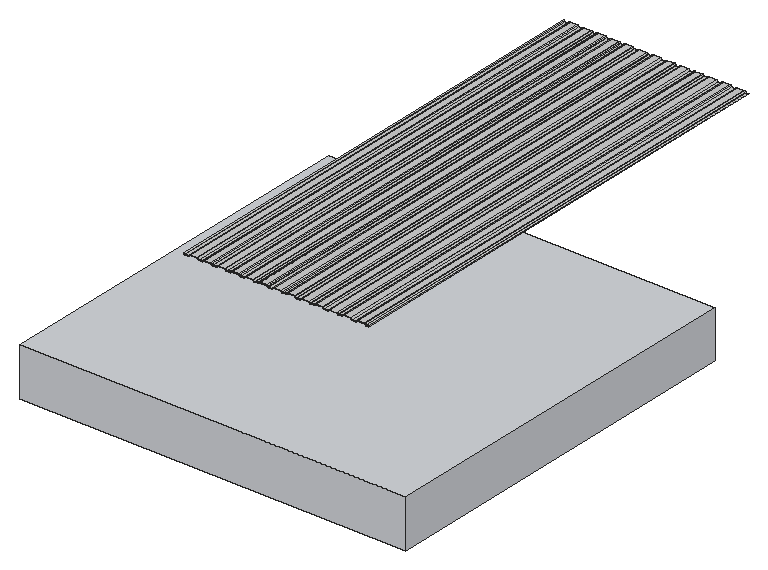
Revit family "Trapézový plech CB 8_88", category Obecné modely, Revit 2016
Family settings
  Hostitel = Plocha
  Typ součásti = Normální
  Může být hostitelem pro výztuž = Ne
  Kóta kulaté spojky = Použít průměr
  Ořezat dutým tvarem při načtení = Ne
  Sdílené = Ne
  Bod výpočtu místnosti = Ne
Parameters
  Šířka prvku - ořezání [instance] = 1170 mm
  Šířka [instance] = 1160 mm  # constant formula
  Výrobce = "CB profil a. s."  # constant formula
  Default Elevation = 0 mm
  URL = "https://www.cbprofil.cz/vyrobni-program/trapezove-plechy-vyroba-cb/"
  Třída oceli [instance] = Třída oceli : S 320 GD
  Tloušťka [instance] = 1 mm
  Pozitivní [instance] = not(Negativní)  # yes
  Popis = "CB 8/88"
  Negativní [instance] = no
  F2 barva [instance] = Pozink
  F1 barva [instance] = Pozink
  Délka [instance] = 3000 mm
  CB FLIS [instance] = no
Reference planes
  plane 1 "Střed (vpředu/vzadu)": y = 0
  plane 2: z = 0
  plane 3 "Střed (vlevo/vpravo)": x = 0
  plane 4 "trapézový plech": z = 0
  plane 5: x = -1143.853
  plane 6 "oříznutí": x = -1170
  plane 7: x = -1219.2
  plane 8: z = 10
Forms (mm)
  Extrusion 1, solid
    sketch origin (0, 0, 0) x (1, 0, 0) y (0, 1, 0)
      loop
        line (-1219.2, 1219.2) -> (-1219.2, -1219.2) -> (1219.2, -1219.2) -> (1219.2, 1219.2) -> (-1219.2, 1219.2)
    from 0 to -304.8
  Sweep 2, solid, material "Pozink" <- "F2 barva", visible <- "Pozitivní"
    path origin (0, 0, 0) x (-1, 0, 0) y (0, -1, 0)
      loop
        line (0, 0) -> (0, -3000)
    profile "CB 8_88 : CB 8_88" origin (0, 1500, 0) x (-1, 0, 0) y (0, 0, 1)
      loop
        line (-5, 1) -> (11.313, 1)
        arc (11.313, 1) -> (13.201, 1.391) -> (14.778, 2.501) r 4.75
        line (14.778, 2.501) -> (19.118, 7.131)
        arc (19.118, 7.131) -> (20.031, 7.773) -> (21.125, 8) r 2.75
        line (21.125, 8) -> (41.5, 8) -> (66.875, 8)
        arc (66.875, 8) -> (67.969, 7.773) -> (68.882, 7.131) r 2.75
        line (68.882, 7.131) -> (74.159, 1.501)
        arc (74.159, 1.501) -> (75.736, 0.391) -> (77.625, 0) r 4.75
        line (77.625, 0) -> (88, 0) -> (98.375, 0)
        arc (98.375, 0) -> (100.264, 0.391) -> (101.841, 1.501) r 4.75
        line (101.841, 1.501) -> (107.118, 7.131)
        arc (107.118, 7.131) -> (108.031, 7.773) -> (109.125, 8) r 2.75
        line (109.125, 8) -> (129.5, 8) -> (154.875, 8)
        arc (154.875, 8) -> (155.969, 7.773) -> (156.882, 7.131) r 2.75
        line (156.882, 7.131) -> (162.159, 1.501)
        arc (162.159, 1.501) -> (163.736, 0.391) -> (165.625, 0) r 4.75
        line (165.625, 0) -> (176, 0) -> (186.375, 0)
        arc (186.375, 0) -> (188.264, 0.391) -> (189.841, 1.501) r 4.75
        line (189.841, 1.501) -> (195.118, 7.131)
        arc (195.118, 7.131) -> (196.031, 7.773) -> (197.125, 8) r 2.75
        line (197.125, 8) -> (217.5, 8) -> (242.875, 8)
        arc (242.875, 8) -> (243.969, 7.773) -> (244.882, 7.131) r 2.75
        line (244.882, 7.131) -> (250.159, 1.501)
        arc (250.159, 1.501) -> (251.736, 0.391) -> (253.625, 0) r 4.75
        line (253.625, 0) -> (264, 0) -> (274.375, 0)
        arc (274.375, 0) -> (276.264, 0.391) -> (277.841, 1.501) r 4.75
        line (277.841, 1.501) -> (283.118, 7.131)
        arc (283.118, 7.131) -> (284.031, 7.773) -> (285.125, 8) r 2.75
        line (285.125, 8) -> (305.5, 8) -> (330.875, 8)
        arc (330.875, 8) -> (331.969, 7.773) -> (332.882, 7.131) r 2.75
        line (332.882, 7.131) -> (338.159, 1.501)
        arc (338.159, 1.501) -> (339.736, 0.391) -> (341.625, 0) r 4.75
        line (341.625, 0) -> (352, 0) -> (362.375, 0)
        arc (362.375, 0) -> (364.264, 0.391) -> (365.841, 1.501) r 4.75
        line (365.841, 1.501) -> (371.118, 7.131)
        arc (371.118, 7.131) -> (372.031, 7.773) -> (373.125, 8) r 2.75
        line (373.125, 8) -> (393.5, 8) -> (418.875, 8)
        arc (418.875, 8) -> (419.969, 7.773) -> (420.882, 7.131) r 2.75
        line (420.882, 7.131) -> (426.159, 1.501)
        arc (426.159, 1.501) -> (427.736, 0.391) -> (429.625, 0) r 4.75
        line (429.625, 0) -> (440, 0) -> (450.375, 0)
        arc (450.375, 0) -> (452.264, 0.391) -> (453.841, 1.501) r 4.75
        line (453.841, 1.501) -> (459.118, 7.131)
        arc (459.118, 7.131) -> (460.031, 7.773) -> (461.125, 8) r 2.75
        line (461.125, 8) -> (481.5, 8) -> (506.875, 8)
        arc (506.875, 8) -> (507.969, 7.773) -> (508.882, 7.131) r 2.75
        line (508.882, 7.131) -> (514.159, 1.501)
        arc (514.159, 1.501) -> (515.736, 0.391) -> (517.625, 0) r 4.75
        line (517.625, 0) -> (528, 0) -> (538.375, 0)
        arc (538.375, 0) -> (540.264, 0.391) -> (541.841, 1.501) r 4.75
        line (541.841, 1.501) -> (547.118, 7.131)
        arc (547.118, 7.131) -> (548.031, 7.773) -> (549.125, 8) r 2.75
        line (549.125, 8) -> (569.5, 8) -> (594.875, 8)
        arc (594.875, 8) -> (595.969, 7.773) -> (596.882, 7.131) r 2.75
        line (596.882, 7.131) -> (602.159, 1.501)
        arc (602.159, 1.501) -> (603.736, 0.391) -> (605.625, 0) r 4.75
        line (605.625, 0) -> (616, 0) -> (626.375, 0)
        arc (626.375, 0) -> (628.264, 0.391) -> (629.841, 1.501) r 4.75
        line (629.841, 1.501) -> (635.118, 7.131)
        arc (635.118, 7.131) -> (636.031, 7.773) -> (637.125, 8) r 2.75
        line (637.125, 8) -> (657.5, 8) -> (682.875, 8)
        arc (682.875, 8) -> (683.969, 7.773) -> (684.882, 7.131) r 2.75
        line (684.882, 7.131) -> (690.159, 1.501)
        arc (690.159, 1.501) -> (691.736, 0.391) -> (693.625, 0) r 4.75
        line (693.625, 0) -> (704, 0) -> (714.375, 0)
        arc (714.375, 0) -> (716.264, 0.391) -> (717.841, 1.501) r 4.75
        line (717.841, 1.501) -> (723.118, 7.131)
        arc (723.118, 7.131) -> (724.031, 7.773) -> (725.125, 8) r 2.75
        line (725.125, 8) -> (745.5, 8) -> (770.875, 8)
        arc (770.875, 8) -> (771.969, 7.773) -> (772.882, 7.131) r 2.75
        line (772.882, 7.131) -> (778.159, 1.501)
        arc (778.159, 1.501) -> (779.736, 0.391) -> (781.625, 0) r 4.75
        line (781.625, 0) -> (792, 0) -> (802.375, 0)
        arc (802.375, 0) -> (804.264, 0.391) -> (805.841, 1.501) r 4.75
        line (805.841, 1.501) -> (811.118, 7.131)
        arc (811.118, 7.131) -> (812.031, 7.773) -> (813.125, 8) r 2.75
        line (813.125, 8) -> (833.5, 8) -> (858.875, 8)
        arc (858.875, 8) -> (859.969, 7.773) -> (860.882, 7.131) r 2.75
        line (860.882, 7.131) -> (866.159, 1.501)
        arc (866.159, 1.501) -> (867.736, 0.391) -> (869.625, 0) r 4.75
        line (869.625, 0) -> (880, 0) -> (890.375, 0)
        arc (890.375, 0) -> (892.264, 0.391) -> (893.841, 1.501) r 4.75
        line (893.841, 1.501) -> (899.118, 7.131)
        arc (899.118, 7.131) -> (900.031, 7.773) -> (901.125, 8) r 2.75
        line (901.125, 8) -> (921.5, 8) -> (946.875, 8)
        arc (946.875, 8) -> (947.969, 7.773) -> (948.882, 7.131) r 2.75
        line (948.882, 7.131) -> (954.159, 1.501)
        arc (954.159, 1.501) -> (955.736, 0.391) -> (957.625, 0) r 4.75
        line (957.625, 0) -> (968, 0) -> (978.375, 0)
        arc (978.375, 0) -> (980.264, 0.391) -> (981.841, 1.501) r 4.75
        line (981.841, 1.501) -> (987.118, 7.131)
        arc (987.118, 7.131) -> (988.031, 7.773) -> (989.125, 8) r 2.75
        line (989.125, 8) -> (1009.5, 8) -> (1034.875, 8)
        arc (1034.875, 8) -> (1035.969, 7.773) -> (1036.882, 7.131) r 2.75
        line (1036.882, 7.131) -> (1042.159, 1.501)
        arc (1042.159, 1.501) -> (1043.736, 0.391) -> (1045.625, 0) r 4.75
        line (1045.625, 0) -> (1056, 0) -> (1066.375, 0)
        arc (1066.375, 0) -> (1068.264, 0.391) -> (1069.841, 1.501) r 4.75
        line (1069.841, 1.501) -> (1075.118, 7.131)
        arc (1075.118, 7.131) -> (1076.031, 7.773) -> (1077.125, 8) r 2.75
        line (1077.125, 8) -> (1097.5, 8) -> (1122.875, 8)
        arc (1122.875, 8) -> (1123.969, 7.773) -> (1124.882, 7.131) r 2.75
        line (1124.882, 7.131) -> (1130.159, 1.501)
        arc (1130.159, 1.501) -> (1131.736, 0.391) -> (1133.625, 0) r 4.75
        line (1133.625, 0) -> (1144, 0) -> (1155.775, 0)
        arc (1155.775, 0) -> (1157.664, 0.391) -> (1159.241, 1.501) r 4.75
        line (1159.241, 1.501) -> (1163.354, 5.889) -> (1162.647, 6.596) -> (1158.511, 2.185)
        arc (1158.511, 2.185) -> (1157.266, 1.309) -> (1155.775, 1) r 3.75
        line (1155.775, 1) -> (1144, 1) -> (1133.625, 1)
        arc (1133.625, 1) -> (1132.134, 1.309) -> (1130.889, 2.185) r 3.75
        line (1130.889, 2.185) -> (1125.611, 7.815)
        arc (1125.611, 7.815) -> (1124.366, 8.691) -> (1122.875, 9) r 3.75
        line (1122.875, 9) -> (1097.5, 9) -> (1077.125, 9)
        arc (1077.125, 9) -> (1075.634, 8.691) -> (1074.389, 7.815) r 3.75
        line (1074.389, 7.815) -> (1069.111, 2.185)
        arc (1069.111, 2.185) -> (1067.866, 1.309) -> (1066.375, 1) r 3.75
        line (1066.375, 1) -> (1056, 1) -> (1045.625, 1)
        arc (1045.625, 1) -> (1044.134, 1.309) -> (1042.889, 2.185) r 3.75
        line (1042.889, 2.185) -> (1037.611, 7.815)
        arc (1037.611, 7.815) -> (1036.366, 8.691) -> (1034.875, 9) r 3.75
        line (1034.875, 9) -> (1009.5, 9) -> (989.125, 9)
        arc (989.125, 9) -> (987.634, 8.691) -> (986.389, 7.815) r 3.75
        line (986.389, 7.815) -> (981.111, 2.185)
        arc (981.111, 2.185) -> (979.866, 1.309) -> (978.375, 1) r 3.75
        line (978.375, 1) -> (968, 1) -> (957.625, 1)
        arc (957.625, 1) -> (956.134, 1.309) -> (954.889, 2.185) r 3.75
        line (954.889, 2.185) -> (949.611, 7.815)
        arc (949.611, 7.815) -> (948.366, 8.691) -> (946.875, 9) r 3.75
        line (946.875, 9) -> (921.5, 9) -> (901.125, 9)
        arc (901.125, 9) -> (899.634, 8.691) -> (898.389, 7.815) r 3.75
        line (898.389, 7.815) -> (893.111, 2.185)
        arc (893.111, 2.185) -> (891.866, 1.309) -> (890.375, 1) r 3.75
        line (890.375, 1) -> (880, 1) -> (869.625, 1)
        arc (869.625, 1) -> (868.134, 1.309) -> (866.889, 2.185) r 3.75
        line (866.889, 2.185) -> (861.611, 7.815)
        arc (861.611, 7.815) -> (860.366, 8.691) -> (858.875, 9) r 3.75
        line (858.875, 9) -> (833.5, 9) -> (813.125, 9)
        arc (813.125, 9) -> (811.634, 8.691) -> (810.389, 7.815) r 3.75
        line (810.389, 7.815) -> (805.111, 2.185)
        arc (805.111, 2.185) -> (803.866, 1.309) -> (802.375, 1) r 3.75
        line (802.375, 1) -> (792, 1) -> (781.625, 1)
        arc (781.625, 1) -> (780.134, 1.309) -> (778.889, 2.185) r 3.75
        line (778.889, 2.185) -> (773.611, 7.815)
        arc (773.611, 7.815) -> (772.366, 8.691) -> (770.875, 9) r 3.75
        line (770.875, 9) -> (745.5, 9) -> (725.125, 9)
        arc (725.125, 9) -> (723.634, 8.691) -> (722.389, 7.815) r 3.75
        line (722.389, 7.815) -> (717.111, 2.185)
        arc (717.111, 2.185) -> (715.866, 1.309) -> (714.375, 1) r 3.75
        line (714.375, 1) -> (704, 1) -> (693.625, 1)
        arc (693.625, 1) -> (692.134, 1.309) -> (690.889, 2.185) r 3.75
        line (690.889, 2.185) -> (685.611, 7.815)
        arc (685.611, 7.815) -> (684.366, 8.691) -> (682.875, 9) r 3.75
        line (682.875, 9) -> (657.5, 9) -> (637.125, 9)
        arc (637.125, 9) -> (635.634, 8.691) -> (634.389, 7.815) r 3.75
        line (634.389, 7.815) -> (629.111, 2.185)
        arc (629.111, 2.185) -> (627.866, 1.309) -> (626.375, 1) r 3.75
        line (626.375, 1) -> (616, 1) -> (605.625, 1)
        arc (605.625, 1) -> (604.134, 1.309) -> (602.889, 2.185) r 3.75
        line (602.889, 2.185) -> (597.611, 7.815)
        arc (597.611, 7.815) -> (596.366, 8.691) -> (594.875, 9) r 3.75
        line (594.875, 9) -> (569.5, 9) -> (549.125, 9)
        arc (549.125, 9) -> (547.634, 8.691) -> (546.389, 7.815) r 3.75
        line (546.389, 7.815) -> (541.111, 2.185)
        arc (541.111, 2.185) -> (539.866, 1.309) -> (538.375, 1) r 3.75
        line (538.375, 1) -> (528, 1) -> (517.625, 1)
        arc (517.625, 1) -> (516.134, 1.309) -> (514.889, 2.185) r 3.75
        line (514.889, 2.185) -> (509.611, 7.815)
        arc (509.611, 7.815) -> (508.366, 8.691) -> (506.875, 9) r 3.75
        line (506.875, 9) -> (481.5, 9) -> (461.125, 9)
        arc (461.125, 9) -> (459.634, 8.691) -> (458.389, 7.815) r 3.75
        line (458.389, 7.815) -> (453.111, 2.185)
        arc (453.111, 2.185) -> (451.866, 1.309) -> (450.375, 1) r 3.75
        line (450.375, 1) -> (440, 1) -> (429.625, 1)
        arc (429.625, 1) -> (428.134, 1.309) -> (426.889, 2.185) r 3.75
        line (426.889, 2.185) -> (421.611, 7.815)
        arc (421.611, 7.815) -> (420.366, 8.691) -> (418.875, 9) r 3.75
        line (418.875, 9) -> (393.5, 9) -> (373.125, 9)
        arc (373.125, 9) -> (371.634, 8.691) -> (370.389, 7.815) r 3.75
        line (370.389, 7.815) -> (365.111, 2.185)
        arc (365.111, 2.185) -> (363.866, 1.309) -> (362.375, 1) r 3.75
        line (362.375, 1) -> (352, 1) -> (341.625, 1)
        arc (341.625, 1) -> (340.134, 1.309) -> (338.889, 2.185) r 3.75
        line (338.889, 2.185) -> (333.611, 7.815)
        arc (333.611, 7.815) -> (332.366, 8.691) -> (330.875, 9) r 3.75
        line (330.875, 9) -> (305.5, 9) -> (285.125, 9)
        arc (285.125, 9) -> (283.634, 8.691) -> (282.389, 7.815) r 3.75
        line (282.389, 7.815) -> (277.111, 2.185)
        arc (277.111, 2.185) -> (275.866, 1.309) -> (274.375, 1) r 3.75
        line (274.375, 1) -> (264, 1) -> (253.625, 1)
        arc (253.625, 1) -> (252.134, 1.309) -> (250.889, 2.185) r 3.75
        line (250.889, 2.185) -> (245.611, 7.815)
        arc (245.611, 7.815) -> (244.366, 8.691) -> (242.875, 9) r 3.75
        line (242.875, 9) -> (217.5, 9) -> (197.125, 9)
        arc (197.125, 9) -> (195.634, 8.691) -> (194.389, 7.815) r 3.75
        line (194.389, 7.815) -> (189.111, 2.185)
        arc (189.111, 2.185) -> (187.866, 1.309) -> (186.375, 1) r 3.75
        line (186.375, 1) -> (176, 1) -> (165.625, 1)
        arc (165.625, 1) -> (164.134, 1.309) -> (162.889, 2.185) r 3.75
        line (162.889, 2.185) -> (157.611, 7.815)
        arc (157.611, 7.815) -> (156.366, 8.691) -> (154.875, 9) r 3.75
        line (154.875, 9) -> (129.5, 9) -> (109.125, 9)
        arc (109.125, 9) -> (107.634, 8.691) -> (106.389, 7.815) r 3.75
        line (106.389, 7.815) -> (101.111, 2.185)
        arc (101.111, 2.185) -> (99.866, 1.309) -> (98.375, 1) r 3.75
        line (98.375, 1) -> (88, 1) -> (77.625, 1)
        arc (77.625, 1) -> (76.134, 1.309) -> (74.889, 2.185) r 3.75
        line (74.889, 2.185) -> (69.611, 7.815)
        arc (69.611, 7.815) -> (68.366, 8.691) -> (66.875, 9) r 3.75
        line (66.875, 9) -> (41.5, 9) -> (21.125, 9)
        arc (21.125, 9) -> (19.634, 8.691) -> (18.389, 7.815) r 3.75
        line (18.389, 7.815) -> (14.049, 3.185)
        arc (14.049, 3.185) -> (12.804, 2.309) -> (11.313, 2) r 3.75
        line (11.313, 2) -> (-5, 2) -> (-5, 1)
  Extrusion 3, void
    sketch origin (0, 0, 0) x (1, 0, 0) y (0, 0, 1)
      loop
        line (-1170, 10) -> (-1219.2, 10) -> (-1219.2, 0) -> (-1170, 0) -> (-1170, 10)
    from 0 to -3000
  Sweep 4, solid, material "Pozink" <- "F2 barva", visible <- "Negativní"
    path origin (0, 0, 0) x (-1, 0, 0) y (0, -1, 0)
      loop
        line (0, 0) -> (0, -3000)
    profile "CB 8_88_neg : CB 8_88_neg" origin (0, 1500, 0) x (-1, 0, 0) y (0, 0, 1)
      loop
        arc (11.313, 7) -> (12.406, 6.773) -> (13.319, 6.131) r 2.75
        line (13.319, 6.131) -> (17.659, 1.501)
        arc (17.659, 1.501) -> (19.236, 0.391) -> (21.125, 0) r 4.75
        line (21.125, 0) -> (41.5, 0) -> (66.875, 0)
        arc (66.875, 0) -> (68.764, 0.391) -> (70.341, 1.501) r 4.75
        line (70.341, 1.501) -> (75.618, 7.131)
        arc (75.618, 7.131) -> (76.531, 7.773) -> (77.625, 8) r 2.75
        line (77.625, 8) -> (88, 8) -> (98.375, 8)
        arc (98.375, 8) -> (99.469, 7.773) -> (100.382, 7.131) r 2.75
        line (100.382, 7.131) -> (105.659, 1.501)
        arc (105.659, 1.501) -> (107.236, 0.391) -> (109.125, 0) r 4.75
        line (109.125, 0) -> (129.5, 0) -> (154.875, 0)
        arc (154.875, 0) -> (156.764, 0.391) -> (158.341, 1.501) r 4.75
        line (158.341, 1.501) -> (163.618, 7.131)
        arc (163.618, 7.131) -> (164.531, 7.773) -> (165.625, 8) r 2.75
        line (165.625, 8) -> (176, 8) -> (186.375, 8)
        arc (186.375, 8) -> (187.469, 7.773) -> (188.382, 7.131) r 2.75
        line (188.382, 7.131) -> (193.659, 1.501)
        arc (193.659, 1.501) -> (195.236, 0.391) -> (197.125, 0) r 4.75
        line (197.125, 0) -> (217.5, 0) -> (242.875, 0)
        arc (242.875, 0) -> (244.764, 0.391) -> (246.341, 1.501) r 4.75
        line (246.341, 1.501) -> (251.618, 7.131)
        arc (251.618, 7.131) -> (252.531, 7.773) -> (253.625, 8) r 2.75
        line (253.625, 8) -> (264, 8) -> (274.375, 8)
        arc (274.375, 8) -> (275.469, 7.773) -> (276.382, 7.131) r 2.75
        line (276.382, 7.131) -> (281.659, 1.501)
        arc (281.659, 1.501) -> (283.236, 0.391) -> (285.125, 0) r 4.75
        line (285.125, 0) -> (305.5, 0) -> (330.875, 0)
        arc (330.875, 0) -> (332.764, 0.391) -> (334.341, 1.501) r 4.75
        line (334.341, 1.501) -> (339.618, 7.131)
        arc (339.618, 7.131) -> (340.531, 7.773) -> (341.625, 8) r 2.75
        line (341.625, 8) -> (352, 8) -> (362.375, 8)
        arc (362.375, 8) -> (363.469, 7.773) -> (364.382, 7.131) r 2.75
        line (364.382, 7.131) -> (369.659, 1.501)
        arc (369.659, 1.501) -> (371.236, 0.391) -> (373.125, 0) r 4.75
        line (373.125, 0) -> (393.5, 0) -> (418.875, 0)
        arc (418.875, 0) -> (420.764, 0.391) -> (422.341, 1.501) r 4.75
        line (422.341, 1.501) -> (427.618, 7.131)
        arc (427.618, 7.131) -> (428.531, 7.773) -> (429.625, 8) r 2.75
        line (429.625, 8) -> (440, 8) -> (450.375, 8)
        arc (450.375, 8) -> (451.469, 7.773) -> (452.382, 7.131) r 2.75
        line (452.382, 7.131) -> (457.659, 1.501)
        arc (457.659, 1.501) -> (459.236, 0.391) -> (461.125, 0) r 4.75
        line (461.125, 0) -> (481.5, 0) -> (506.875, 0)
        arc (506.875, 0) -> (508.764, 0.391) -> (510.341, 1.501) r 4.75
        line (510.341, 1.501) -> (515.618, 7.131)
        arc (515.618, 7.131) -> (516.531, 7.773) -> (517.625, 8) r 2.75
        line (517.625, 8) -> (528, 8) -> (538.375, 8)
        arc (538.375, 8) -> (539.469, 7.773) -> (540.382, 7.131) r 2.75
        line (540.382, 7.131) -> (545.659, 1.501)
        arc (545.659, 1.501) -> (547.236, 0.391) -> (549.125, 0) r 4.75
        line (549.125, 0) -> (569.5, 0) -> (594.875, 0)
        arc (594.875, 0) -> (596.764, 0.391) -> (598.341, 1.501) r 4.75
        line (598.341, 1.501) -> (603.618, 7.131)
        arc (603.618, 7.131) -> (604.531, 7.773) -> (605.625, 8) r 2.75
        line (605.625, 8) -> (616, 8) -> (626.375, 8)
        arc (626.375, 8) -> (627.469, 7.773) -> (628.382, 7.131) r 2.75
        line (628.382, 7.131) -> (633.659, 1.501)
        arc (633.659, 1.501) -> (635.236, 0.391) -> (637.125, 0) r 4.75
        line (637.125, 0) -> (657.5, 0) -> (682.875, 0)
        arc (682.875, 0) -> (684.764, 0.391) -> (686.341, 1.501) r 4.75
        line (686.341, 1.501) -> (691.618, 7.131)
        arc (691.618, 7.131) -> (692.531, 7.773) -> (693.625, 8) r 2.75
        line (693.625, 8) -> (704, 8) -> (714.375, 8)
        arc (714.375, 8) -> (715.469, 7.773) -> (716.382, 7.131) r 2.75
        line (716.382, 7.131) -> (721.659, 1.501)
        arc (721.659, 1.501) -> (723.236, 0.391) -> (725.125, 0) r 4.75
        line (725.125, 0) -> (745.5, 0) -> (770.875, 0)
        arc (770.875, 0) -> (772.764, 0.391) -> (774.341, 1.501) r 4.75
        line (774.341, 1.501) -> (779.618, 7.131)
        arc (779.618, 7.131) -> (780.531, 7.773) -> (781.625, 8) r 2.75
        line (781.625, 8) -> (792, 8) -> (802.375, 8)
        arc (802.375, 8) -> (803.469, 7.773) -> (804.382, 7.131) r 2.75
        line (804.382, 7.131) -> (809.659, 1.501)
        arc (809.659, 1.501) -> (811.236, 0.391) -> (813.125, 0) r 4.75
        line (813.125, 0) -> (833.5, 0) -> (858.875, 0)
        arc (858.875, 0) -> (860.764, 0.391) -> (862.341, 1.501) r 4.75
        line (862.341, 1.501) -> (867.618, 7.131)
        arc (867.618, 7.131) -> (868.531, 7.773) -> (869.625, 8) r 2.75
        line (869.625, 8) -> (880, 8) -> (890.375, 8)
        arc (890.375, 8) -> (891.469, 7.773) -> (892.382, 7.131) r 2.75
        line (892.382, 7.131) -> (897.659, 1.501)
        arc (897.659, 1.501) -> (899.236, 0.391) -> (901.125, 0) r 4.75
        line (901.125, 0) -> (921.5, 0) -> (946.875, 0)
        arc (946.875, 0) -> (948.764, 0.391) -> (950.341, 1.501) r 4.75
        line (950.341, 1.501) -> (955.618, 7.131)
        arc (955.618, 7.131) -> (956.531, 7.773) -> (957.625, 8) r 2.75
        line (957.625, 8) -> (968, 8) -> (978.375, 8)
        arc (978.375, 8) -> (979.469, 7.773) -> (980.382, 7.131) r 2.75
        line (980.382, 7.131) -> (985.659, 1.501)
        arc (985.659, 1.501) -> (987.236, 0.391) -> (989.125, 0) r 4.75
        line (989.125, 0) -> (1009.5, 0) -> (1034.875, 0)
        arc (1034.875, 0) -> (1036.764, 0.391) -> (1038.341, 1.501) r 4.75
        line (1038.341, 1.501) -> (1043.618, 7.131)
        arc (1043.618, 7.131) -> (1044.531, 7.773) -> (1045.625, 8) r 2.75
        line (1045.625, 8) -> (1056, 8) -> (1066.375, 8)
        arc (1066.375, 8) -> (1067.469, 7.773) -> (1068.382, 7.131) r 2.75
        line (1068.382, 7.131) -> (1073.659, 1.501)
        arc (1073.659, 1.501) -> (1075.236, 0.391) -> (1077.125, 0) r 4.75
        line (1077.125, 0) -> (1097.5, 0) -> (1122.875, 0)
        arc (1122.875, 0) -> (1124.764, 0.391) -> (1126.341, 1.501) r 4.75
        line (1126.341, 1.501) -> (1131.618, 7.131)
        arc (1131.618, 7.131) -> (1132.531, 7.773) -> (1133.625, 8) r 2.75
        line (1133.625, 8) -> (1144, 8) -> (1155.775, 8)
        arc (1155.775, 8) -> (1156.869, 7.773) -> (1157.782, 7.131) r 2.75
        line (1157.782, 7.131) -> (1161.895, 2.743) -> (1162.602, 3.451) -> (1158.511, 7.815)
        arc (1158.511, 7.815) -> (1157.266, 8.691) -> (1155.775, 9) r 3.75
        line (1155.775, 9) -> (1144, 9) -> (1133.625, 9)
        arc (1133.625, 9) -> (1132.134, 8.691) -> (1130.889, 7.815) r 3.75
        line (1130.889, 7.815) -> (1125.611, 2.185)
        arc (1125.611, 2.185) -> (1124.366, 1.309) -> (1122.875, 1) r 3.75
        line (1122.875, 1) -> (1097.5, 1) -> (1077.125, 1)
        arc (1077.125, 1) -> (1075.634, 1.309) -> (1074.389, 2.185) r 3.75
        line (1074.389, 2.185) -> (1069.111, 7.815)
        arc (1069.111, 7.815) -> (1067.866, 8.691) -> (1066.375, 9) r 3.75
        line (1066.375, 9) -> (1056, 9) -> (1045.625, 9)
        arc (1045.625, 9) -> (1044.134, 8.691) -> (1042.889, 7.815) r 3.75
        line (1042.889, 7.815) -> (1037.611, 2.185)
        arc (1037.611, 2.185) -> (1036.366, 1.309) -> (1034.875, 1) r 3.75
        line (1034.875, 1) -> (1009.5, 1) -> (989.125, 1)
        arc (989.125, 1) -> (987.634, 1.309) -> (986.389, 2.185) r 3.75
        line (986.389, 2.185) -> (981.111, 7.815)
        arc (981.111, 7.815) -> (979.866, 8.691) -> (978.375, 9) r 3.75
        line (978.375, 9) -> (968, 9) -> (957.625, 9)
        arc (957.625, 9) -> (956.134, 8.691) -> (954.889, 7.815) r 3.75
        line (954.889, 7.815) -> (949.611, 2.185)
        arc (949.611, 2.185) -> (948.366, 1.309) -> (946.875, 1) r 3.75
        line (946.875, 1) -> (921.5, 1) -> (901.125, 1)
        arc (901.125, 1) -> (899.634, 1.309) -> (898.389, 2.185) r 3.75
        line (898.389, 2.185) -> (893.111, 7.815)
        arc (893.111, 7.815) -> (891.866, 8.691) -> (890.375, 9) r 3.75
        line (890.375, 9) -> (880, 9) -> (869.625, 9)
        arc (869.625, 9) -> (868.134, 8.691) -> (866.889, 7.815) r 3.75
        line (866.889, 7.815) -> (861.611, 2.185)
        arc (861.611, 2.185) -> (860.366, 1.309) -> (858.875, 1) r 3.75
        line (858.875, 1) -> (833.5, 1) -> (813.125, 1)
        arc (813.125, 1) -> (811.634, 1.309) -> (810.389, 2.185) r 3.75
        line (810.389, 2.185) -> (805.111, 7.815)
        arc (805.111, 7.815) -> (803.866, 8.691) -> (802.375, 9) r 3.75
        line (802.375, 9) -> (792, 9) -> (781.625, 9)
        arc (781.625, 9) -> (780.134, 8.691) -> (778.889, 7.815) r 3.75
        line (778.889, 7.815) -> (773.611, 2.185)
        arc (773.611, 2.185) -> (772.366, 1.309) -> (770.875, 1) r 3.75
        line (770.875, 1) -> (745.5, 1) -> (725.125, 1)
        arc (725.125, 1) -> (723.634, 1.309) -> (722.389, 2.185) r 3.75
        line (722.389, 2.185) -> (717.111, 7.815)
        arc (717.111, 7.815) -> (715.866, 8.691) -> (714.375, 9) r 3.75
        line (714.375, 9) -> (704, 9) -> (693.625, 9)
        arc (693.625, 9) -> (692.134, 8.691) -> (690.889, 7.815) r 3.75
        line (690.889, 7.815) -> (685.611, 2.185)
        arc (685.611, 2.185) -> (684.366, 1.309) -> (682.875, 1) r 3.75
        line (682.875, 1) -> (657.5, 1) -> (637.125, 1)
        arc (637.125, 1) -> (635.634, 1.309) -> (634.389, 2.185) r 3.75
        line (634.389, 2.185) -> (629.111, 7.815)
        arc (629.111, 7.815) -> (627.866, 8.691) -> (626.375, 9) r 3.75
        line (626.375, 9) -> (616, 9) -> (605.625, 9)
        arc (605.625, 9) -> (604.134, 8.691) -> (602.889, 7.815) r 3.75
        line (602.889, 7.815) -> (597.611, 2.185)
        arc (597.611, 2.185) -> (596.366, 1.309) -> (594.875, 1) r 3.75
        line (594.875, 1) -> (569.5, 1) -> (549.125, 1)
        arc (549.125, 1) -> (547.634, 1.309) -> (546.389, 2.185) r 3.75
        line (546.389, 2.185) -> (541.111, 7.815)
        arc (541.111, 7.815) -> (539.866, 8.691) -> (538.375, 9) r 3.75
        line (538.375, 9) -> (528, 9) -> (517.625, 9)
        arc (517.625, 9) -> (516.134, 8.691) -> (514.889, 7.815) r 3.75
        line (514.889, 7.815) -> (509.611, 2.185)
        arc (509.611, 2.185) -> (508.366, 1.309) -> (506.875, 1) r 3.75
        line (506.875, 1) -> (481.5, 1) -> (461.125, 1)
        arc (461.125, 1) -> (459.634, 1.309) -> (458.389, 2.185) r 3.75
        line (458.389, 2.185) -> (453.111, 7.815)
        arc (453.111, 7.815) -> (451.866, 8.691) -> (450.375, 9) r 3.75
        line (450.375, 9) -> (440, 9) -> (429.625, 9)
        arc (429.625, 9) -> (428.134, 8.691) -> (426.889, 7.815) r 3.75
        line (426.889, 7.815) -> (421.611, 2.185)
        arc (421.611, 2.185) -> (420.366, 1.309) -> (418.875, 1) r 3.75
        line (418.875, 1) -> (393.5, 1) -> (373.125, 1)
        arc (373.125, 1) -> (371.634, 1.309) -> (370.389, 2.185) r 3.75
        line (370.389, 2.185) -> (365.111, 7.815)
        arc (365.111, 7.815) -> (363.866, 8.691) -> (362.375, 9) r 3.75
        line (362.375, 9) -> (352, 9) -> (341.625, 9)
        arc (341.625, 9) -> (340.134, 8.691) -> (338.889, 7.815) r 3.75
        line (338.889, 7.815) -> (333.611, 2.185)
        arc (333.611, 2.185) -> (332.366, 1.309) -> (330.875, 1) r 3.75
        line (330.875, 1) -> (305.5, 1) -> (285.125, 1)
        arc (285.125, 1) -> (283.634, 1.309) -> (282.389, 2.185) r 3.75
        line (282.389, 2.185) -> (277.111, 7.815)
        arc (277.111, 7.815) -> (275.866, 8.691) -> (274.375, 9) r 3.75
        line (274.375, 9) -> (264, 9) -> (253.625, 9)
        arc (253.625, 9) -> (252.134, 8.691) -> (250.889, 7.815) r 3.75
        line (250.889, 7.815) -> (245.611, 2.185)
        arc (245.611, 2.185) -> (244.366, 1.309) -> (242.875, 1) r 3.75
        line (242.875, 1) -> (217.5, 1) -> (197.125, 1)
        arc (197.125, 1) -> (195.634, 1.309) -> (194.389, 2.185) r 3.75
        line (194.389, 2.185) -> (189.111, 7.815)
        arc (189.111, 7.815) -> (187.866, 8.691) -> (186.375, 9) r 3.75
        line (186.375, 9) -> (176, 9) -> (165.625, 9)
        arc (165.625, 9) -> (164.134, 8.691) -> (162.889, 7.815) r 3.75
        line (162.889, 7.815) -> (157.611, 2.185)
        arc (157.611, 2.185) -> (156.366, 1.309) -> (154.875, 1) r 3.75
        line (154.875, 1) -> (129.5, 1) -> (109.125, 1)
        arc (109.125, 1) -> (107.634, 1.309) -> (106.389, 2.185) r 3.75
        line (106.389, 2.185) -> (101.111, 7.815)
        arc (101.111, 7.815) -> (99.866, 8.691) -> (98.375, 9) r 3.75
        line (98.375, 9) -> (88, 9) -> (77.625, 9)
        arc (77.625, 9) -> (76.134, 8.691) -> (74.889, 7.815) r 3.75
        line (74.889, 7.815) -> (69.611, 2.185)
        arc (69.611, 2.185) -> (68.366, 1.309) -> (66.875, 1) r 3.75
        line (66.875, 1) -> (41.5, 1) -> (21.125, 1)
        arc (21.125, 1) -> (19.634, 1.309) -> (18.389, 2.185) r 3.75
        line (18.389, 2.185) -> (14.049, 6.815)
        arc (14.049, 6.815) -> (12.804, 7.691) -> (11.313, 8) r 3.75
        line (11.313, 8) -> (-5, 8) -> (-5, 7) -> (11.313, 7)
  Sweep 5, solid, material "Pozink" <- "F1 barva", visible <- "Pozitivní"
    path origin (0, 0, 0) x (-1, 0, 0) y (0, -1, 0)
      loop
        line (0, 0) -> (0, -3000)
    profile "CB 8_88_F1 : CB 8_88_F1" origin (0, 1500, 0) x (-1, 0, 0) y (0, 0, 1)
      loop
        line (-5, 2) -> (11.313, 2)
        arc (11.313, 2) -> (12.804, 2.309) -> (14.049, 3.185) r 3.75
        line (14.049, 3.185) -> (18.389, 7.815)
        arc (18.389, 7.815) -> (19.634, 8.691) -> (21.125, 9) r 3.75
        line (21.125, 9) -> (41.5, 9) -> (66.875, 9)
        arc (66.875, 9) -> (68.366, 8.691) -> (69.611, 7.815) r 3.75
        line (69.611, 7.815) -> (74.889, 2.185)
        arc (74.889, 2.185) -> (76.134, 1.309) -> (77.625, 1) r 3.75
        line (77.625, 1) -> (88, 1) -> (98.375, 1)
        arc (98.375, 1) -> (99.866, 1.309) -> (101.111, 2.185) r 3.75
        line (101.111, 2.185) -> (106.389, 7.815)
        arc (106.389, 7.815) -> (107.634, 8.691) -> (109.125, 9) r 3.75
        line (109.125, 9) -> (129.5, 9) -> (154.875, 9)
        arc (154.875, 9) -> (156.366, 8.691) -> (157.611, 7.815) r 3.75
        line (157.611, 7.815) -> (162.889, 2.185)
        arc (162.889, 2.185) -> (164.134, 1.309) -> (165.625, 1) r 3.75
        line (165.625, 1) -> (176, 1) -> (186.375, 1)
        arc (186.375, 1) -> (187.866, 1.309) -> (189.111, 2.185) r 3.75
        line (189.111, 2.185) -> (194.389, 7.815)
        arc (194.389, 7.815) -> (195.634, 8.691) -> (197.125, 9) r 3.75
        line (197.125, 9) -> (217.5, 9) -> (242.875, 9)
        arc (242.875, 9) -> (244.366, 8.691) -> (245.611, 7.815) r 3.75
        line (245.611, 7.815) -> (250.889, 2.185)
        arc (250.889, 2.185) -> (252.134, 1.309) -> (253.625, 1) r 3.75
        line (253.625, 1) -> (264, 1) -> (274.375, 1)
        arc (274.375, 1) -> (275.866, 1.309) -> (277.111, 2.185) r 3.75
        line (277.111, 2.185) -> (282.389, 7.815)
        arc (282.389, 7.815) -> (283.634, 8.691) -> (285.125, 9) r 3.75
        line (285.125, 9) -> (305.5, 9) -> (330.875, 9)
        arc (330.875, 9) -> (332.366, 8.691) -> (333.611, 7.815) r 3.75
        line (333.611, 7.815) -> (338.889, 2.185)
        arc (338.889, 2.185) -> (340.134, 1.309) -> (341.625, 1) r 3.75
        line (341.625, 1) -> (352, 1) -> (362.375, 1)
        arc (362.375, 1) -> (363.866, 1.309) -> (365.111, 2.185) r 3.75
        line (365.111, 2.185) -> (370.389, 7.815)
        arc (370.389, 7.815) -> (371.634, 8.691) -> (373.125, 9) r 3.75
        line (373.125, 9) -> (393.5, 9) -> (418.875, 9)
        arc (418.875, 9) -> (420.366, 8.691) -> (421.611, 7.815) r 3.75
        line (421.611, 7.815) -> (426.889, 2.185)
        arc (426.889, 2.185) -> (428.134, 1.309) -> (429.625, 1) r 3.75
        line (429.625, 1) -> (440, 1) -> (450.375, 1)
        arc (450.375, 1) -> (451.866, 1.309) -> (453.111, 2.185) r 3.75
        line (453.111, 2.185) -> (458.389, 7.815)
        arc (458.389, 7.815) -> (459.634, 8.691) -> (461.125, 9) r 3.75
        line (461.125, 9) -> (481.5, 9) -> (506.875, 9)
        arc (506.875, 9) -> (508.366, 8.691) -> (509.611, 7.815) r 3.75
        line (509.611, 7.815) -> (514.889, 2.185)
        arc (514.889, 2.185) -> (516.134, 1.309) -> (517.625, 1) r 3.75
        line (517.625, 1) -> (528, 1) -> (538.375, 1)
        arc (538.375, 1) -> (539.866, 1.309) -> (541.111, 2.185) r 3.75
        line (541.111, 2.185) -> (546.389, 7.815)
        arc (546.389, 7.815) -> (547.634, 8.691) -> (549.125, 9) r 3.75
        line (549.125, 9) -> (569.5, 9) -> (594.875, 9)
        arc (594.875, 9) -> (596.366, 8.691) -> (597.611, 7.815) r 3.75
        line (597.611, 7.815) -> (602.889, 2.185)
        arc (602.889, 2.185) -> (604.134, 1.309) -> (605.625, 1) r 3.75
        line (605.625, 1) -> (616, 1) -> (626.375, 1)
        arc (626.375, 1) -> (627.866, 1.309) -> (629.111, 2.185) r 3.75
        line (629.111, 2.185) -> (634.389, 7.815)
        arc (634.389, 7.815) -> (635.634, 8.691) -> (637.125, 9) r 3.75
        line (637.125, 9) -> (657.5, 9) -> (682.875, 9)
        arc (682.875, 9) -> (684.366, 8.691) -> (685.611, 7.815) r 3.75
        line (685.611, 7.815) -> (690.889, 2.185)
        arc (690.889, 2.185) -> (692.134, 1.309) -> (693.625, 1) r 3.75
        line (693.625, 1) -> (704, 1) -> (714.375, 1)
        arc (714.375, 1) -> (715.866, 1.309) -> (717.111, 2.185) r 3.75
        line (717.111, 2.185) -> (722.389, 7.815)
        arc (722.389, 7.815) -> (723.634, 8.691) -> (725.125, 9) r 3.75
        line (725.125, 9) -> (745.5, 9) -> (770.875, 9)
        arc (770.875, 9) -> (772.366, 8.691) -> (773.611, 7.815) r 3.75
        line (773.611, 7.815) -> (778.889, 2.185)
        arc (778.889, 2.185) -> (780.134, 1.309) -> (781.625, 1) r 3.75
        line (781.625, 1) -> (792, 1) -> (802.375, 1)
        arc (802.375, 1) -> (803.866, 1.309) -> (805.111, 2.185) r 3.75
        line (805.111, 2.185) -> (810.389, 7.815)
        arc (810.389, 7.815) -> (811.634, 8.691) -> (813.125, 9) r 3.75
        line (813.125, 9) -> (833.5, 9) -> (858.875, 9)
        arc (858.875, 9) -> (860.366, 8.691) -> (861.611, 7.815) r 3.75
        line (861.611, 7.815) -> (866.889, 2.185)
        arc (866.889, 2.185) -> (868.134, 1.309) -> (869.625, 1) r 3.75
        line (869.625, 1) -> (880, 1) -> (890.375, 1)
        arc (890.375, 1) -> (891.866, 1.309) -> (893.111, 2.185) r 3.75
        line (893.111, 2.185) -> (898.389, 7.815)
        arc (898.389, 7.815) -> (899.634, 8.691) -> (901.125, 9) r 3.75
        line (901.125, 9) -> (921.5, 9) -> (946.875, 9)
        arc (946.875, 9) -> (948.366, 8.691) -> (949.611, 7.815) r 3.75
        line (949.611, 7.815) -> (954.889, 2.185)
        arc (954.889, 2.185) -> (956.134, 1.309) -> (957.625, 1) r 3.75
        line (957.625, 1) -> (968, 1) -> (978.375, 1)
        arc (978.375, 1) -> (979.866, 1.309) -> (981.111, 2.185) r 3.75
        line (981.111, 2.185) -> (986.389, 7.815)
        arc (986.389, 7.815) -> (987.634, 8.691) -> (989.125, 9) r 3.75
        line (989.125, 9) -> (1009.5, 9) -> (1034.875, 9)
        arc (1034.875, 9) -> (1036.366, 8.691) -> (1037.611, 7.815) r 3.75
        line (1037.611, 7.815) -> (1042.889, 2.185)
        arc (1042.889, 2.185) -> (1044.134, 1.309) -> (1045.625, 1) r 3.75
        line (1045.625, 1) -> (1056, 1) -> (1066.375, 1)
        arc (1066.375, 1) -> (1067.866, 1.309) -> (1069.111, 2.185) r 3.75
        line (1069.111, 2.185) -> (1074.389, 7.815)
        arc (1074.389, 7.815) -> (1075.634, 8.691) -> (1077.125, 9) r 3.75
        line (1077.125, 9) -> (1097.5, 9) -> (1122.875, 9)
        arc (1122.875, 9) -> (1124.366, 8.691) -> (1125.611, 7.815) r 3.75
        line (1125.611, 7.815) -> (1130.889, 2.185)
        arc (1130.889, 2.185) -> (1132.134, 1.309) -> (1133.625, 1) r 3.75
        line (1133.625, 1) -> (1144, 1) -> (1155.775, 1)
        arc (1155.775, 1) -> (1157.266, 1.309) -> (1158.511, 2.185) r 3.75
        line (1158.511, 2.185) -> (1162.647, 6.596) -> (1161.939, 7.304) -> (1157.782, 2.869)
        arc (1157.782, 2.869) -> (1156.869, 2.227) -> (1155.775, 2) r 2.75
        line (1155.775, 2) -> (1144, 2) -> (1133.625, 2)
        arc (1133.625, 2) -> (1132.531, 2.227) -> (1131.618, 2.869) r 2.75
        line (1131.618, 2.869) -> (1126.341, 8.499)
        arc (1126.341, 8.499) -> (1124.764, 9.609) -> (1122.875, 10) r 4.75
        line (1122.875, 10) -> (1097.5, 10) -> (1077.125, 10)
        arc (1077.125, 10) -> (1075.236, 9.609) -> (1073.659, 8.499) r 4.75
        line (1073.659, 8.499) -> (1068.382, 2.869)
        arc (1068.382, 2.869) -> (1067.469, 2.227) -> (1066.375, 2) r 2.75
        line (1066.375, 2) -> (1056, 2) -> (1045.625, 2)
        arc (1045.625, 2) -> (1044.531, 2.227) -> (1043.618, 2.869) r 2.75
        line (1043.618, 2.869) -> (1038.341, 8.499)
        arc (1038.341, 8.499) -> (1036.764, 9.609) -> (1034.875, 10) r 4.75
        line (1034.875, 10) -> (1009.5, 10) -> (989.125, 10)
        arc (989.125, 10) -> (987.236, 9.609) -> (985.659, 8.499) r 4.75
        line (985.659, 8.499) -> (980.382, 2.869)
        arc (980.382, 2.869) -> (979.469, 2.227) -> (978.375, 2) r 2.75
        line (978.375, 2) -> (968, 2) -> (957.625, 2)
        arc (957.625, 2) -> (956.531, 2.227) -> (955.618, 2.869) r 2.75
        line (955.618, 2.869) -> (950.341, 8.499)
        arc (950.341, 8.499) -> (948.764, 9.609) -> (946.875, 10) r 4.75
        line (946.875, 10) -> (921.5, 10) -> (901.125, 10)
        arc (901.125, 10) -> (899.236, 9.609) -> (897.659, 8.499) r 4.75
        line (897.659, 8.499) -> (892.382, 2.869)
        arc (892.382, 2.869) -> (891.469, 2.227) -> (890.375, 2) r 2.75
        line (890.375, 2) -> (880, 2) -> (869.625, 2)
        arc (869.625, 2) -> (868.531, 2.227) -> (867.618, 2.869) r 2.75
        line (867.618, 2.869) -> (862.341, 8.499)
        arc (862.341, 8.499) -> (860.764, 9.609) -> (858.875, 10) r 4.75
        line (858.875, 10) -> (833.5, 10) -> (813.125, 10)
        arc (813.125, 10) -> (811.236, 9.609) -> (809.659, 8.499) r 4.75
        line (809.659, 8.499) -> (804.382, 2.869)
        arc (804.382, 2.869) -> (803.469, 2.227) -> (802.375, 2) r 2.75
        line (802.375, 2) -> (792, 2) -> (781.625, 2)
        arc (781.625, 2) -> (780.531, 2.227) -> (779.618, 2.869) r 2.75
        line (779.618, 2.869) -> (774.341, 8.499)
        arc (774.341, 8.499) -> (772.764, 9.609) -> (770.875, 10) r 4.75
        line (770.875, 10) -> (745.5, 10) -> (725.125, 10)
        arc (725.125, 10) -> (723.236, 9.609) -> (721.659, 8.499) r 4.75
        line (721.659, 8.499) -> (716.382, 2.869)
        arc (716.382, 2.869) -> (715.469, 2.227) -> (714.375, 2) r 2.75
        line (714.375, 2) -> (704, 2) -> (693.625, 2)
        arc (693.625, 2) -> (692.531, 2.227) -> (691.618, 2.869) r 2.75
        line (691.618, 2.869) -> (686.341, 8.499)
        arc (686.341, 8.499) -> (684.764, 9.609) -> (682.875, 10) r 4.75
        line (682.875, 10) -> (657.5, 10) -> (637.125, 10)
        arc (637.125, 10) -> (635.236, 9.609) -> (633.659, 8.499) r 4.75
        line (633.659, 8.499) -> (628.382, 2.869)
        arc (628.382, 2.869) -> (627.469, 2.227) -> (626.375, 2) r 2.75
        line (626.375, 2) -> (616, 2) -> (605.625, 2)
        arc (605.625, 2) -> (604.531, 2.227) -> (603.618, 2.869) r 2.75
        line (603.618, 2.869) -> (598.341, 8.499)
        arc (598.341, 8.499) -> (596.764, 9.609) -> (594.875, 10) r 4.75
        line (594.875, 10) -> (569.5, 10) -> (549.125, 10)
        arc (549.125, 10) -> (547.236, 9.609) -> (545.659, 8.499) r 4.75
        line (545.659, 8.499) -> (540.382, 2.869)
        arc (540.382, 2.869) -> (539.469, 2.227) -> (538.375, 2) r 2.75
        line (538.375, 2) -> (528, 2) -> (517.625, 2)
        arc (517.625, 2) -> (516.531, 2.227) -> (515.618, 2.869) r 2.75
        line (515.618, 2.869) -> (510.341, 8.499)
        arc (510.341, 8.499) -> (508.764, 9.609) -> (506.875, 10) r 4.75
        line (506.875, 10) -> (481.5, 10) -> (461.125, 10)
        arc (461.125, 10) -> (459.236, 9.609) -> (457.659, 8.499) r 4.75
        line (457.659, 8.499) -> (452.382, 2.869)
        arc (452.382, 2.869) -> (451.469, 2.227) -> (450.375, 2) r 2.75
        line (450.375, 2) -> (440, 2) -> (429.625, 2)
        arc (429.625, 2) -> (428.531, 2.227) -> (427.618, 2.869) r 2.75
        line (427.618, 2.869) -> (422.341, 8.499)
        arc (422.341, 8.499) -> (420.764, 9.609) -> (418.875, 10) r 4.75
        line (418.875, 10) -> (393.5, 10) -> (373.125, 10)
        arc (373.125, 10) -> (371.236, 9.609) -> (369.659, 8.499) r 4.75
        line (369.659, 8.499) -> (364.382, 2.869)
        arc (364.382, 2.869) -> (363.469, 2.227) -> (362.375, 2) r 2.75
        line (362.375, 2) -> (352, 2) -> (341.625, 2)
        arc (341.625, 2) -> (340.531, 2.227) -> (339.618, 2.869) r 2.75
        line (339.618, 2.869) -> (334.341, 8.499)
        arc (334.341, 8.499) -> (332.764, 9.609) -> (330.875, 10) r 4.75
        line (330.875, 10) -> (305.5, 10) -> (285.125, 10)
        arc (285.125, 10) -> (283.236, 9.609) -> (281.659, 8.499) r 4.75
        line (281.659, 8.499) -> (276.382, 2.869)
        arc (276.382, 2.869) -> (275.469, 2.227) -> (274.375, 2) r 2.75
        line (274.375, 2) -> (264, 2) -> (253.625, 2)
        arc (253.625, 2) -> (252.531, 2.227) -> (251.618, 2.869) r 2.75
        line (251.618, 2.869) -> (246.341, 8.499)
        arc (246.341, 8.499) -> (244.764, 9.609) -> (242.875, 10) r 4.75
        line (242.875, 10) -> (217.5, 10) -> (197.125, 10)
        arc (197.125, 10) -> (195.236, 9.609) -> (193.659, 8.499) r 4.75
        line (193.659, 8.499) -> (188.382, 2.869)
        arc (188.382, 2.869) -> (187.469, 2.227) -> (186.375, 2) r 2.75
        line (186.375, 2) -> (176, 2) -> (165.625, 2)
        arc (165.625, 2) -> (164.531, 2.227) -> (163.618, 2.869) r 2.75
        line (163.618, 2.869) -> (158.341, 8.499)
        arc (158.341, 8.499) -> (156.764, 9.609) -> (154.875, 10) r 4.75
        line (154.875, 10) -> (129.5, 10) -> (109.125, 10)
        arc (109.125, 10) -> (107.236, 9.609) -> (105.659, 8.499) r 4.75
        line (105.659, 8.499) -> (100.382, 2.869)
        arc (100.382, 2.869) -> (99.469, 2.227) -> (98.375, 2) r 2.75
        line (98.375, 2) -> (88, 2) -> (77.625, 2)
        arc (77.625, 2) -> (76.531, 2.227) -> (75.618, 2.869) r 2.75
        line (75.618, 2.869) -> (70.341, 8.499)
        arc (70.341, 8.499) -> (68.764, 9.609) -> (66.875, 10) r 4.75
        line (66.875, 10) -> (41.5, 10) -> (21.125, 10)
        arc (21.125, 10) -> (19.236, 9.609) -> (17.659, 8.499) r 4.75
        line (17.659, 8.499) -> (13.319, 3.869)
        arc (13.319, 3.869) -> (12.406, 3.227) -> (11.313, 3) r 2.75
        line (11.313, 3) -> (-5, 3) -> (-5, 2)
  Sweep 6, solid, material "Pozink" <- "F1 barva", visible <- "Negativní"
    path origin (0, 0, 0) x (-1, 0, 0) y (0, -1, 0)
      loop
        line (0, 0) -> (0, -3000)
    profile "CB 8_88_neg_F1 : CB 8_88_neg_F1" origin (0, 1500, 0) x (-1, 0, 0) y (0, 0, 1)
      loop
        line (1162.602, 3.451) -> (1163.31, 4.158) -> (1159.241, 8.499)
        arc (1159.241, 8.499) -> (1157.664, 9.609) -> (1155.775, 10) r 4.75
        line (1155.775, 10) -> (1144, 10) -> (1133.625, 10)
        arc (1133.625, 10) -> (1131.736, 9.609) -> (1130.159, 8.499) r 4.75
        line (1130.159, 8.499) -> (1124.882, 2.869)
        arc (1124.882, 2.869) -> (1123.969, 2.227) -> (1122.875, 2) r 2.75
        line (1122.875, 2) -> (1097.5, 2) -> (1077.125, 2)
        arc (1077.125, 2) -> (1076.031, 2.227) -> (1075.118, 2.869) r 2.75
        line (1075.118, 2.869) -> (1069.841, 8.499)
        arc (1069.841, 8.499) -> (1068.264, 9.609) -> (1066.375, 10) r 4.75
        line (1066.375, 10) -> (1056, 10) -> (1045.625, 10)
        arc (1045.625, 10) -> (1043.736, 9.609) -> (1042.159, 8.499) r 4.75
        line (1042.159, 8.499) -> (1036.882, 2.869)
        arc (1036.882, 2.869) -> (1035.969, 2.227) -> (1034.875, 2) r 2.75
        line (1034.875, 2) -> (1009.5, 2) -> (989.125, 2)
        arc (989.125, 2) -> (988.031, 2.227) -> (987.118, 2.869) r 2.75
        line (987.118, 2.869) -> (981.841, 8.499)
        arc (981.841, 8.499) -> (980.264, 9.609) -> (978.375, 10) r 4.75
        line (978.375, 10) -> (968, 10) -> (957.625, 10)
        arc (957.625, 10) -> (955.736, 9.609) -> (954.159, 8.499) r 4.75
        line (954.159, 8.499) -> (948.882, 2.869)
        arc (948.882, 2.869) -> (947.969, 2.227) -> (946.875, 2) r 2.75
        line (946.875, 2) -> (921.5, 2) -> (901.125, 2)
        arc (901.125, 2) -> (900.031, 2.227) -> (899.118, 2.869) r 2.75
        line (899.118, 2.869) -> (893.841, 8.499)
        arc (893.841, 8.499) -> (892.264, 9.609) -> (890.375, 10) r 4.75
        line (890.375, 10) -> (880, 10) -> (869.625, 10)
        arc (869.625, 10) -> (867.736, 9.609) -> (866.159, 8.499) r 4.75
        line (866.159, 8.499) -> (860.882, 2.869)
        arc (860.882, 2.869) -> (859.969, 2.227) -> (858.875, 2) r 2.75
        line (858.875, 2) -> (833.5, 2) -> (813.125, 2)
        arc (813.125, 2) -> (812.031, 2.227) -> (811.118, 2.869) r 2.75
        line (811.118, 2.869) -> (805.841, 8.499)
        arc (805.841, 8.499) -> (804.264, 9.609) -> (802.375, 10) r 4.75
        line (802.375, 10) -> (792, 10) -> (781.625, 10)
        arc (781.625, 10) -> (779.736, 9.609) -> (778.159, 8.499) r 4.75
        line (778.159, 8.499) -> (772.882, 2.869)
        arc (772.882, 2.869) -> (771.969, 2.227) -> (770.875, 2) r 2.75
        line (770.875, 2) -> (745.5, 2) -> (725.125, 2)
        arc (725.125, 2) -> (724.031, 2.227) -> (723.118, 2.869) r 2.75
        line (723.118, 2.869) -> (717.841, 8.499)
        arc (717.841, 8.499) -> (716.264, 9.609) -> (714.375, 10) r 4.75
        line (714.375, 10) -> (704, 10) -> (693.625, 10)
        arc (693.625, 10) -> (691.736, 9.609) -> (690.159, 8.499) r 4.75
        line (690.159, 8.499) -> (684.882, 2.869)
        arc (684.882, 2.869) -> (683.969, 2.227) -> (682.875, 2) r 2.75
        line (682.875, 2) -> (657.5, 2) -> (637.125, 2)
        arc (637.125, 2) -> (636.031, 2.227) -> (635.118, 2.869) r 2.75
        line (635.118, 2.869) -> (629.841, 8.499)
        arc (629.841, 8.499) -> (628.264, 9.609) -> (626.375, 10) r 4.75
        line (626.375, 10) -> (616, 10) -> (605.625, 10)
        arc (605.625, 10) -> (603.736, 9.609) -> (602.159, 8.499) r 4.75
        line (602.159, 8.499) -> (596.882, 2.869)
        arc (596.882, 2.869) -> (595.969, 2.227) -> (594.875, 2) r 2.75
        line (594.875, 2) -> (569.5, 2) -> (549.125, 2)
        arc (549.125, 2) -> (548.031, 2.227) -> (547.118, 2.869) r 2.75
        line (547.118, 2.869) -> (541.841, 8.499)
        arc (541.841, 8.499) -> (540.264, 9.609) -> (538.375, 10) r 4.75
        line (538.375, 10) -> (528, 10) -> (517.625, 10)
        arc (517.625, 10) -> (515.736, 9.609) -> (514.159, 8.499) r 4.75
        line (514.159, 8.499) -> (508.882, 2.869)
        arc (508.882, 2.869) -> (507.969, 2.227) -> (506.875, 2) r 2.75
        line (506.875, 2) -> (481.5, 2) -> (461.125, 2)
        arc (461.125, 2) -> (460.031, 2.227) -> (459.118, 2.869) r 2.75
        line (459.118, 2.869) -> (453.841, 8.499)
        arc (453.841, 8.499) -> (452.264, 9.609) -> (450.375, 10) r 4.75
        line (450.375, 10) -> (440, 10) -> (429.625, 10)
        arc (429.625, 10) -> (427.736, 9.609) -> (426.159, 8.499) r 4.75
        line (426.159, 8.499) -> (420.882, 2.869)
        arc (420.882, 2.869) -> (419.969, 2.227) -> (418.875, 2) r 2.75
        line (418.875, 2) -> (393.5, 2) -> (373.125, 2)
        arc (373.125, 2) -> (372.031, 2.227) -> (371.118, 2.869) r 2.75
        line (371.118, 2.869) -> (365.841, 8.499)
        arc (365.841, 8.499) -> (364.264, 9.609) -> (362.375, 10) r 4.75
        line (362.375, 10) -> (352, 10) -> (341.625, 10)
        arc (341.625, 10) -> (339.736, 9.609) -> (338.159, 8.499) r 4.75
        line (338.159, 8.499) -> (332.882, 2.869)
        arc (332.882, 2.869) -> (331.969, 2.227) -> (330.875, 2) r 2.75
        line (330.875, 2) -> (305.5, 2) -> (285.125, 2)
        arc (285.125, 2) -> (284.031, 2.227) -> (283.118, 2.869) r 2.75
        line (283.118, 2.869) -> (277.841, 8.499)
        arc (277.841, 8.499) -> (276.264, 9.609) -> (274.375, 10) r 4.75
        line (274.375, 10) -> (264, 10) -> (253.625, 10)
        arc (253.625, 10) -> (251.736, 9.609) -> (250.159, 8.499) r 4.75
        line (250.159, 8.499) -> (244.882, 2.869)
        arc (244.882, 2.869) -> (243.969, 2.227) -> (242.875, 2) r 2.75
        line (242.875, 2) -> (217.5, 2) -> (197.125, 2)
        arc (197.125, 2) -> (196.031, 2.227) -> (195.118, 2.869) r 2.75
        line (195.118, 2.869) -> (189.841, 8.499)
        arc (189.841, 8.499) -> (188.264, 9.609) -> (186.375, 10) r 4.75
        line (186.375, 10) -> (176, 10) -> (165.625, 10)
        arc (165.625, 10) -> (163.736, 9.609) -> (162.159, 8.499) r 4.75
        line (162.159, 8.499) -> (156.882, 2.869)
        arc (156.882, 2.869) -> (155.969, 2.227) -> (154.875, 2) r 2.75
        line (154.875, 2) -> (129.5, 2) -> (109.125, 2)
        arc (109.125, 2) -> (108.031, 2.227) -> (107.118, 2.869) r 2.75
        line (107.118, 2.869) -> (101.841, 8.499)
        arc (101.841, 8.499) -> (100.264, 9.609) -> (98.375, 10) r 4.75
        line (98.375, 10) -> (88, 10) -> (77.625, 10)
        arc (77.625, 10) -> (75.736, 9.609) -> (74.159, 8.499) r 4.75
        line (74.159, 8.499) -> (68.882, 2.869)
        arc (68.882, 2.869) -> (67.969, 2.227) -> (66.875, 2) r 2.75
        line (66.875, 2) -> (41.5, 2) -> (21.125, 2)
        arc (21.125, 2) -> (20.031, 2.227) -> (19.118, 2.869) r 2.75
        line (19.118, 2.869) -> (14.778, 7.499)
        arc (14.778, 7.499) -> (13.201, 8.609) -> (11.313, 9) r 4.75
        line (11.313, 9) -> (-5, 9) -> (-5, 8) -> (11.313, 8)
        arc (11.313, 8) -> (12.804, 7.691) -> (14.049, 6.815) r 3.75
        line (14.049, 6.815) -> (18.389, 2.185)
        arc (18.389, 2.185) -> (19.634, 1.309) -> (21.125, 1) r 3.75
        line (21.125, 1) -> (41.5, 1) -> (66.875, 1)
        arc (66.875, 1) -> (68.366, 1.309) -> (69.611, 2.185) r 3.75
        line (69.611, 2.185) -> (74.889, 7.815)
        arc (74.889, 7.815) -> (76.134, 8.691) -> (77.625, 9) r 3.75
        line (77.625, 9) -> (88, 9) -> (98.375, 9)
        arc (98.375, 9) -> (99.866, 8.691) -> (101.111, 7.815) r 3.75
        line (101.111, 7.815) -> (106.389, 2.185)
        arc (106.389, 2.185) -> (107.634, 1.309) -> (109.125, 1) r 3.75
        line (109.125, 1) -> (129.5, 1) -> (154.875, 1)
        arc (154.875, 1) -> (156.366, 1.309) -> (157.611, 2.185) r 3.75
        line (157.611, 2.185) -> (162.889, 7.815)
        arc (162.889, 7.815) -> (164.134, 8.691) -> (165.625, 9) r 3.75
        line (165.625, 9) -> (176, 9) -> (186.375, 9)
        arc (186.375, 9) -> (187.866, 8.691) -> (189.111, 7.815) r 3.75
        line (189.111, 7.815) -> (194.389, 2.185)
        arc (194.389, 2.185) -> (195.634, 1.309) -> (197.125, 1) r 3.75
        line (197.125, 1) -> (217.5, 1) -> (242.875, 1)
        arc (242.875, 1) -> (244.366, 1.309) -> (245.611, 2.185) r 3.75
        line (245.611, 2.185) -> (250.889, 7.815)
        arc (250.889, 7.815) -> (252.134, 8.691) -> (253.625, 9) r 3.75
        line (253.625, 9) -> (264, 9) -> (274.375, 9)
        arc (274.375, 9) -> (275.866, 8.691) -> (277.111, 7.815) r 3.75
        line (277.111, 7.815) -> (282.389, 2.185)
        arc (282.389, 2.185) -> (283.634, 1.309) -> (285.125, 1) r 3.75
        line (285.125, 1) -> (305.5, 1) -> (330.875, 1)
        arc (330.875, 1) -> (332.366, 1.309) -> (333.611, 2.185) r 3.75
        line (333.611, 2.185) -> (338.889, 7.815)
        arc (338.889, 7.815) -> (340.134, 8.691) -> (341.625, 9) r 3.75
        line (341.625, 9) -> (352, 9) -> (362.375, 9)
        arc (362.375, 9) -> (363.866, 8.691) -> (365.111, 7.815) r 3.75
        line (365.111, 7.815) -> (370.389, 2.185)
        arc (370.389, 2.185) -> (371.634, 1.309) -> (373.125, 1) r 3.75
        line (373.125, 1) -> (393.5, 1) -> (418.875, 1)
        arc (418.875, 1) -> (420.366, 1.309) -> (421.611, 2.185) r 3.75
        line (421.611, 2.185) -> (426.889, 7.815)
        arc (426.889, 7.815) -> (428.134, 8.691) -> (429.625, 9) r 3.75
        line (429.625, 9) -> (440, 9) -> (450.375, 9)
        arc (450.375, 9) -> (451.866, 8.691) -> (453.111, 7.815) r 3.75
        line (453.111, 7.815) -> (458.389, 2.185)
        arc (458.389, 2.185) -> (459.634, 1.309) -> (461.125, 1) r 3.75
        line (461.125, 1) -> (481.5, 1) -> (506.875, 1)
        arc (506.875, 1) -> (508.366, 1.309) -> (509.611, 2.185) r 3.75
        line (509.611, 2.185) -> (514.889, 7.815)
        arc (514.889, 7.815) -> (516.134, 8.691) -> (517.625, 9) r 3.75
        line (517.625, 9) -> (528, 9) -> (538.375, 9)
        arc (538.375, 9) -> (539.866, 8.691) -> (541.111, 7.815) r 3.75
        line (541.111, 7.815) -> (546.389, 2.185)
        arc (546.389, 2.185) -> (547.634, 1.309) -> (549.125, 1) r 3.75
        line (549.125, 1) -> (569.5, 1) -> (594.875, 1)
        arc (594.875, 1) -> (596.366, 1.309) -> (597.611, 2.185) r 3.75
        line (597.611, 2.185) -> (602.889, 7.815)
        arc (602.889, 7.815) -> (604.134, 8.691) -> (605.625, 9) r 3.75
        line (605.625, 9) -> (616, 9) -> (626.375, 9)
        arc (626.375, 9) -> (627.866, 8.691) -> (629.111, 7.815) r 3.75
        line (629.111, 7.815) -> (634.389, 2.185)
        arc (634.389, 2.185) -> (635.634, 1.309) -> (637.125, 1) r 3.75
        line (637.125, 1) -> (657.5, 1) -> (682.875, 1)
        arc (682.875, 1) -> (684.366, 1.309) -> (685.611, 2.185) r 3.75
        line (685.611, 2.185) -> (690.889, 7.815)
        arc (690.889, 7.815) -> (692.134, 8.691) -> (693.625, 9) r 3.75
        line (693.625, 9) -> (704, 9) -> (714.375, 9)
        arc (714.375, 9) -> (715.866, 8.691) -> (717.111, 7.815) r 3.75
        line (717.111, 7.815) -> (722.389, 2.185)
        arc (722.389, 2.185) -> (723.634, 1.309) -> (725.125, 1) r 3.75
        line (725.125, 1) -> (745.5, 1) -> (770.875, 1)
        arc (770.875, 1) -> (772.366, 1.309) -> (773.611, 2.185) r 3.75
        line (773.611, 2.185) -> (778.889, 7.815)
        arc (778.889, 7.815) -> (780.134, 8.691) -> (781.625, 9) r 3.75
        line (781.625, 9) -> (792, 9) -> (802.375, 9)
        arc (802.375, 9) -> (803.866, 8.691) -> (805.111, 7.815) r 3.75
        line (805.111, 7.815) -> (810.389, 2.185)
        arc (810.389, 2.185) -> (811.634, 1.309) -> (813.125, 1) r 3.75
        line (813.125, 1) -> (833.5, 1) -> (858.875, 1)
        arc (858.875, 1) -> (860.366, 1.309) -> (861.611, 2.185) r 3.75
        line (861.611, 2.185) -> (866.889, 7.815)
        arc (866.889, 7.815) -> (868.134, 8.691) -> (869.625, 9) r 3.75
        line (869.625, 9) -> (880, 9) -> (890.375, 9)
        arc (890.375, 9) -> (891.866, 8.691) -> (893.111, 7.815) r 3.75
        line (893.111, 7.815) -> (898.389, 2.185)
        arc (898.389, 2.185) -> (899.634, 1.309) -> (901.125, 1) r 3.75
        line (901.125, 1) -> (921.5, 1) -> (946.875, 1)
        arc (946.875, 1) -> (948.366, 1.309) -> (949.611, 2.185) r 3.75
        line (949.611, 2.185) -> (954.889, 7.815)
        arc (954.889, 7.815) -> (956.134, 8.691) -> (957.625, 9) r 3.75
        line (957.625, 9) -> (968, 9) -> (978.375, 9)
        arc (978.375, 9) -> (979.866, 8.691) -> (981.111, 7.815) r 3.75
        line (981.111, 7.815) -> (986.389, 2.185)
        arc (986.389, 2.185) -> (987.634, 1.309) -> (989.125, 1) r 3.75
